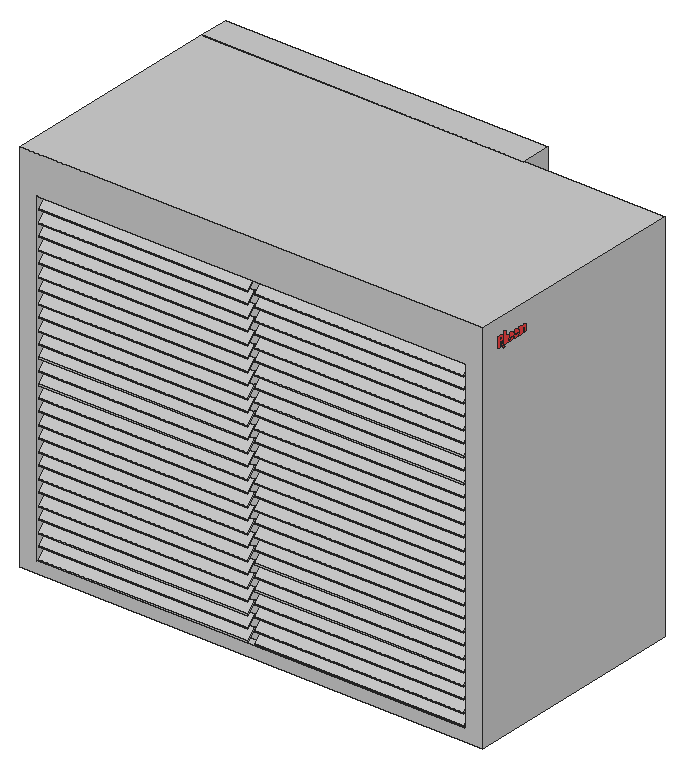
Revit family "DC_Rheem_PLM_HeatPump_952022_Horizontal_12", category Plumbing Fixtures, Revit 2011 (continued)
Connectors
  electrical at (575, 174.5, 648.977)
    settings: on Extrusion 10, index 6, voltage 0 V, apparent load 0 VA, apparent load phase1 0 VA, apparent load phase2 0 VA, apparent load phase3 0 VA, power factor 1, load classification "Other", number of poles 1, system type 30, power factor state 1, is connector primary no, connector utility no, sub classification motor no, connector description ""
  electrical at (575, 174.5, 623.977)
    settings: on Extrusion 9, index 7, voltage 0 V, apparent load 0 VA, apparent load phase1 0 VA, apparent load phase2 0 VA, apparent load phase3 0 VA, power factor 1, load classification "Other", number of poles 1, system type 30, power factor state 1, is connector primary no, connector utility no, sub classification motor no, connector description ""
  electrical at (575, 174.5, 598.977)
    settings: on Extrusion 11, index 8, voltage 0 V, apparent load 0 VA, apparent load phase1 0 VA, apparent load phase2 0 VA, apparent load phase3 0 VA, power factor 1, load classification "Other", number of poles 1, system type 30, power factor state 1, is connector primary no, connector utility no, sub classification motor no, connector description ""
Definition of nested family "Rheem Logo"
  Parameters (values of type "Rheem Logo")
    Default Elevation = 1219.2 mm
    Assembly Code = ""
  Reference planes
    plane 1 "Center (Front/Back)": y = 0
    plane 2: z = 0
    plane 3 "Center (Left/Right)": x = 0
  Forms (mm)
    Extrusion 1, solid
      sketch origin (0, 0, 0) x (1, 0, 0) y (0, 1, 0)
        loop
          line (-1219.2, 1219.2) -> (-1219.2, -1219.2) -> (1219.2, -1219.2) -> (1219.2, 1219.2) -> (-1219.2, 1219.2)
      from 0 to -304.8
    Extrusion 2, solid, material "Rheem - Red"
      sketch origin (0, 0, 0) x (1, 0, 0) y (0, 1, 0)
        loop
          line (-41.894, 1.214) -> (-38.082, 1.214) -> (-38.082, 21.599) -> (-32.234, 21.599)
          arc (-32.234, 21.599) -> (-29.693, 18.062) -> (-32.234, 14.524) r 3.733
          line (-32.234, 14.524) -> (-37.193, 14.524) -> (-25.503, -6.017) -> (-21.057, -6.017) -> (-31.586, 12.168)
          arc (-31.586, 12.168) -> (-27.821, 13.513) -> (-25.921, 17.03) r 5.582
          arc (-25.921, 17.03) -> (-25.719, 18.742) -> (-25.921, 20.454) r 7.357
          arc (-25.921, 20.454) -> (-28.207, 24.104) -> (-32.234, 25.629) r 6.75
          line (-32.234, 25.629) -> (-41.894, 25.629) -> (-41.894, 1.214)
        loop
          line (-23.226, 1.185) -> (-19.437, 1.185) -> (-19.437, 13.012)
          arc (-19.437, 13.012) -> (-19.128, 14.152) -> (-18.458, 15.124) r 3.499
          arc (-18.458, 15.124) -> (-15.383, 15.705) -> (-13.789, 13.012) r 2.726
          line (-13.789, 13.012) -> (-13.789, 1.24) -> (-10.243, 1.24) -> (-10.243, 15.292)
          arc (-10.243, 15.292) -> (-11.786, 18.511) -> (-15.149, 19.709) r 4.688
          arc (-15.149, 19.709) -> (-17.647, 19.107) -> (-19.481, 17.308) r 4.826
          line (-19.481, 17.308) -> (-19.481, 30.829) -> (-23.226, 30.829) -> (-23.226, 1.185)
        loop
          line (23.175, 1.163) -> (26.995, 1.163) -> (26.995, 13.552)
          spline (26.995, 13.552) -> (27.371, 14.564) -> (27.804, 15.069) -> (28.281, 15.418) -> (28.811, 15.632) -> (29.379, 15.725) -> (29.95, 15.717) -> (30.497, 15.616) -> (30.99, 15.417) -> (31.391, 15.11) -> (31.695, 14.668) -> (31.964, 14.008) -> (32.183, 12.765)
          line (32.183, 12.765) -> (32.183, 1.163) -> (35.718, 1.163) -> (35.718, 13.552)
          spline (35.718, 13.552) -> (36.109, 14.517) -> (36.554, 15.006) -> (37.052, 15.326) -> (37.59, 15.559) -> (38.152, 15.707) -> (38.721, 15.73) -> (39.268, 15.631) -> (39.76, 15.428) -> (40.161, 15.119) -> (40.465, 14.673) -> (40.735, 14.008) -> (40.954, 12.758)
          line (40.954, 12.758) -> (40.954, 1.163) -> (44.476, 1.163) -> (44.476, 15.299)
          spline (44.476, 15.299) -> (43.848, 17.29) -> (43.019, 18.22) -> (42.37, 18.702) -> (41.804, 19.017) -> (41.149, 19.264) -> (40.313, 19.428) -> (39.374, 19.465) -> (38.467, 19.368) -> (37.722, 19.168) -> (37.096, 18.83) -> (36.406, 18.243) -> (35.372, 17.031)
          spline (35.372, 17.031) -> (34.429, 18.123) -> (33.829, 18.62) -> (33.238, 18.972) -> (32.579, 19.243) -> (31.849, 19.438) -> (31.208, 19.538) -> (30.654, 19.537) -> (29.928, 19.446) -> (29.163, 19.24) -> (28.532, 18.893) -> (27.886, 18.393) -> (26.982, 17.161)
          line (26.982, 17.161) -> (26.982, 19.137) -> (23.175, 19.137) -> (23.175, 1.163)
        loop
          line (-4.847, 12.542) -> (2.427, 12.542)
          spline (2.427, 12.542) -> (1.763, 14.183) -> (1.301, 14.891) -> (0.805, 15.438) -> (0.245, 15.904) -> (-0.324, 16.216) -> (-1.038, 16.34) -> (-1.827, 16.292) -> (-2.465, 16.063) -> (-2.917, 15.675) -> (-3.427, 15.167) -> (-4.048, 14.327) -> (-4.847, 12.542)
        loop
          line (-4.9, 9.047) -> (6.017, 9.047)
          spline (6.017, 9.047) -> (5.705, 13.107) -> (4.905, 15.268) -> (3.688, 17.194) -> (1.99, 18.63) -> (-0.152, 19.603) -> (-2.058, 19.605) -> (-4.184, 18.763) -> (-5.86, 17.359) -> (-7.198, 15.418) -> (-8.007, 13.176) -> (-8.32, 10.92) -> (-7.964, 7.03)
          spline (-7.964, 7.03) -> (-6.832, 4.362) -> (-5.715, 2.918) -> (-4.556, 1.919) -> (-3.443, 1.286) -> (-2.241, 0.913) -> (-0.925, 0.787) -> (0.345, 0.947) -> (1.513, 1.391) -> (2.668, 2.062) -> (3.767, 2.962) -> (4.809, 4.177) -> (5.833, 6.548)
          line (5.833, 6.548) -> (2.04, 6.548)
          spline (2.04, 6.548) -> (1.056, 5.131) -> (0.367, 4.642) -> (-0.297, 4.355) -> (-0.96, 4.223) -> (-1.562, 4.241) -> (-2.284, 4.517) -> (-3.007, 4.961) -> (-3.495, 5.411) -> (-3.891, 5.947) -> (-4.296, 6.68) -> (-4.648, 7.691) -> (-4.9, 9.047)
        loop
          line (10.749, 12.229) -> (18.023, 12.229)
          spline (18.023, 12.229) -> (17.358, 13.871) -> (16.897, 14.578) -> (16.4, 15.125) -> (15.841, 15.591) -> (15.271, 15.904) -> (14.557, 16.027) -> (13.768, 15.979) -> (13.131, 15.75) -> (12.679, 15.363) -> (12.168, 14.855) -> (11.547, 14.015) -> (10.749, 12.229)
        loop
          line (10.735, 9.008) -> (21.652, 9.008)
          spline (21.652, 9.008) -> (21.34, 13.068) -> (20.54, 15.228) -> (19.323, 17.155) -> (17.625, 18.591) -> (15.482, 19.564) -> (13.577, 19.566) -> (11.45, 18.724) -> (9.775, 17.319) -> (8.437, 15.379) -> (7.627, 13.137) -> (7.315, 10.881) -> (7.671, 6.991)
          spline (7.671, 6.991) -> (8.803, 4.323) -> (9.919, 2.879) -> (11.079, 1.88) -> (12.192, 1.247) -> (13.394, 0.874) -> (14.71, 0.748) -> (15.98, 0.908) -> (17.147, 1.352) -> (18.303, 2.023) -> (19.402, 2.923) -> (20.444, 4.138) -> (21.468, 6.509)
          line (21.468, 6.509) -> (17.675, 6.509)
          spline (17.675, 6.509) -> (16.691, 5.092) -> (16.002, 4.603) -> (15.338, 4.316) -> (14.675, 4.184) -> (14.073, 4.202) -> (13.351, 4.478) -> (12.627, 4.922) -> (12.14, 5.371) -> (11.743, 5.908) -> (11.339, 6.641) -> (10.986, 7.652) -> (10.735, 9.008)
      from 0 to 2
  Dimensions and locks
    aligned and locked: plane 2 to Extrusion 1
    aligned and locked: level to Extrusion 1
